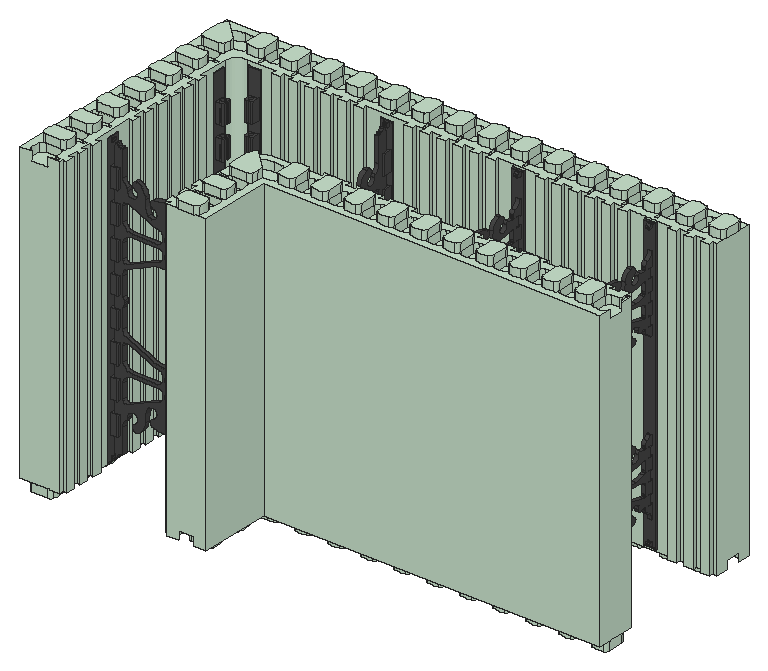
Revit family (continued)
Forms (mm)
  Extrusion 54, void
    sketch origin (355.653, -0.032, 0) x (-1, 0, 0) y (0, -1, 0)
      loop
        arc (-42.5, -94.024) -> (-43.786, -93.668) -> (-44.346, -92.457) r 1.588
        line (-44.346, -92.457) -> (-44.346, -86.829) -> (-48.685, -86.829) -> (-48.685, -95.62)
        arc (-48.685, -95.62) -> (-48.795, -96.199) -> (-49.108, -96.698) r 1.588
        arc (-49.108, -96.698) -> (-50.362, -98.696) -> (-50.8, -101.014) r 6.35
        line (-50.8, -101.014) -> (-50.8, -124.411)
        arc (-50.8, -124.411) -> (-49.585, -128.147) -> (-46.404, -130.453) r 6.35
    from 0 to 12.7
  Extrusion 55, void
    sketch origin (406.453, -0.032, 0) x (-1, 0, 0) y (0, -1, 0)
      loop
        arc (-46.404, -130.453) -> (-38.1, -131.762) -> (-29.796, -130.453) r 26.987
        arc (-29.796, -130.453) -> (-26.615, -128.147) -> (-25.4, -124.411) r 6.35
        line (-25.4, -124.411) -> (-25.4, -101.014)
        arc (-25.4, -101.014) -> (-26.615, -97.278) -> (-29.796, -94.972) r 6.35
        arc (-29.796, -94.972) -> (-36.091, -93.737) -> (-42.5, -94.024) r 26.987
        arc (-42.5, -94.024) -> (-43.786, -93.668) -> (-44.346, -92.457) r 1.588
        line (-44.346, -92.457) -> (-44.346, -86.829) -> (-48.685, -86.829) -> (-48.685, -95.62)
        arc (-48.685, -95.62) -> (-48.795, -96.199) -> (-49.108, -96.698) r 1.588
        arc (-49.108, -96.698) -> (-50.362, -98.696) -> (-50.8, -101.014) r 6.35
        line (-50.8, -101.014) -> (-50.8, -124.411)
        arc (-50.8, -124.411) -> (-49.585, -128.147) -> (-46.404, -130.453) r 6.35
    from 0 to 12.7
  Extrusion 56, void
    sketch origin (457.253, -0.032, 0) x (-1, 0, 0) y (0, -1, 0)
      loop
        arc (-46.404, -130.453) -> (-38.1, -131.762) -> (-29.796, -130.453) r 26.987
        arc (-29.796, -130.453) -> (-26.615, -128.147) -> (-25.4, -124.411) r 6.35
        line (-25.4, -124.411) -> (-25.4, -101.014)
        arc (-25.4, -101.014) -> (-26.615, -97.278) -> (-29.796, -94.972) r 6.35
        arc (-29.796, -94.972) -> (-36.091, -93.737) -> (-42.5, -94.024) r 26.987
        arc (-42.5, -94.024) -> (-43.786, -93.668) -> (-44.346, -92.457) r 1.588
        line (-44.346, -92.457) -> (-44.346, -86.829) -> (-48.685, -86.829) -> (-48.685, -95.62)
        arc (-48.685, -95.62) -> (-48.795, -96.199) -> (-49.108, -96.698) r 1.588
        arc (-49.108, -96.698) -> (-50.362, -98.696) -> (-50.8, -101.014) r 6.35
        line (-50.8, -101.014) -> (-50.8, -124.411)
        arc (-50.8, -124.411) -> (-49.585, -128.147) -> (-46.404, -130.453) r 6.35
    from 0 to 12.7
  Extrusion 57, void
    sketch origin (508.053, -0.032, 0) x (-1, 0, 0) y (0, -1, 0)
      loop
        arc (-46.404, -130.453) -> (-38.1, -131.762) -> (-29.796, -130.453) r 26.987
        arc (-29.796, -130.453) -> (-26.615, -128.147) -> (-25.4, -124.411) r 6.35
        line (-25.4, -124.411) -> (-25.4, -101.014)
        arc (-25.4, -101.014) -> (-26.615, -97.278) -> (-29.796, -94.972) r 6.35
        arc (-29.796, -94.972) -> (-36.091, -93.737) -> (-42.5, -94.024) r 26.987
        arc (-42.5, -94.024) -> (-43.786, -93.668) -> (-44.346, -92.457) r 1.588
        line (-44.346, -92.457) -> (-44.346, -86.829) -> (-48.685, -86.829) -> (-48.685, -95.62)
        arc (-48.685, -95.62) -> (-48.795, -96.199) -> (-49.108, -96.698) r 1.588
        arc (-49.108, -96.698) -> (-50.362, -98.696) -> (-50.8, -101.014) r 6.35
        line (-50.8, -101.014) -> (-50.8, -124.411)
        arc (-50.8, -124.411) -> (-49.585, -128.147) -> (-46.404, -130.453) r 6.35
    from 0 to 12.7
  Extrusion 58, void
    sketch origin (558.853, -0.032, 0) x (-1, 0, 0) y (0, -1, 0)
      loop
        arc (-46.404, -130.453) -> (-38.1, -131.762) -> (-29.796, -130.453) r 26.987
        arc (-29.796, -130.453) -> (-26.615, -128.147) -> (-25.4, -124.411) r 6.35
        line (-25.4, -124.411) -> (-25.4, -101.014)
        arc (-25.4, -101.014) -> (-26.615, -97.278) -> (-29.796, -94.972) r 6.35
        arc (-29.796, -94.972) -> (-36.091, -93.737) -> (-42.5, -94.024) r 26.987
        arc (-42.5, -94.024) -> (-43.786, -93.668) -> (-44.346, -92.457) r 1.588
        line (-44.346, -92.457) -> (-44.346, -86.829) -> (-48.685, -86.829) -> (-48.685, -95.62)
        arc (-48.685, -95.62) -> (-48.795, -96.199) -> (-49.108, -96.698) r 1.588
        arc (-49.108, -96.698) -> (-50.362, -98.696) -> (-50.8, -101.014) r 6.35
        line (-50.8, -101.014) -> (-50.8, -124.411)
        arc (-50.8, -124.411) -> (-49.585, -128.147) -> (-46.404, -130.453) r 6.35
    from 0 to 12.7
  Extrusion 59, void
    sketch origin (609.653, -0.032, 0) x (-1, 0, 0) y (0, -1, 0)
      loop
        arc (-46.404, -130.453) -> (-38.1, -131.762) -> (-29.796, -130.453) r 26.987
        arc (-29.796, -130.453) -> (-26.615, -128.147) -> (-25.4, -124.411) r 6.35
        line (-25.4, -124.411) -> (-25.4, -101.014)
        arc (-25.4, -101.014) -> (-26.615, -97.278) -> (-29.796, -94.972) r 6.35
        arc (-29.796, -94.972) -> (-36.091, -93.737) -> (-42.5, -94.024) r 26.987
        arc (-42.5, -94.024) -> (-43.786, -93.668) -> (-44.346, -92.457) r 1.588
        line (-44.346, -92.457) -> (-44.346, -86.829) -> (-48.685, -86.829) -> (-48.685, -95.62)
        arc (-48.685, -95.62) -> (-48.795, -96.199) -> (-49.108, -96.698) r 1.588
        arc (-49.108, -96.698) -> (-50.362, -98.696) -> (-50.8, -101.014) r 6.35
        line (-50.8, -101.014) -> (-50.8, -124.411)
        arc (-50.8, -124.411) -> (-49.585, -128.147) -> (-46.404, -130.453) r 6.35
    from 0 to 12.7
  Extrusion 60, void
    sketch origin (0.053, -457.232, 0) x (1, 0, 0) y (0, 1, 0)
      loop
        arc (101.014, 228.6) -> (97.278, 227.385) -> (94.972, 224.204) r 6.35
        arc (94.972, 224.204) -> (93.737, 217.909) -> (94.024, 211.5) r 26.987
        arc (94.024, 211.5) -> (93.668, 210.214) -> (92.457, 209.654) r 1.587
        line (92.457, 209.654) -> (86.829, 209.654) -> (86.829, 205.315) -> (95.62, 205.315)
        arc (95.62, 205.315) -> (96.199, 205.205) -> (96.698, 204.892) r 1.587
        arc (96.698, 204.892) -> (98.696, 203.638) -> (101.014, 203.2) r 6.35
        line (101.014, 203.2) -> (124.411, 203.2)
        arc (124.411, 203.2) -> (128.147, 204.415) -> (130.453, 207.596) r 6.35
        arc (130.453, 207.596) -> (131.763, 215.9) -> (130.453, 224.204) r 26.988
        arc (130.453, 224.204) -> (128.147, 227.385) -> (124.411, 228.6) r 6.35
        line (124.411, 228.6) -> (101.014, 228.6)
    from 0 to 12.7
  Extrusion 61, void
    sketch origin (0.053, -406.432, 0) x (1, 0, 0) y (0, 1, 0)
      loop
        arc (101.014, 228.6) -> (97.278, 227.385) -> (94.972, 224.204) r 6.35
        arc (94.972, 224.204) -> (93.737, 217.909) -> (94.024, 211.5) r 26.987
        arc (94.024, 211.5) -> (93.668, 210.214) -> (92.457, 209.654) r 1.587
        line (92.457, 209.654) -> (86.829, 209.654) -> (86.829, 205.315) -> (95.62, 205.315)
        arc (95.62, 205.315) -> (96.199, 205.205) -> (96.698, 204.892) r 1.587
        arc (96.698, 204.892) -> (98.696, 203.638) -> (101.014, 203.2) r 6.35
        line (101.014, 203.2) -> (124.411, 203.2)
        arc (124.411, 203.2) -> (128.147, 204.415) -> (130.453, 207.596) r 6.35
        arc (130.453, 207.596) -> (131.763, 215.9) -> (130.453, 224.204) r 26.988
        arc (130.453, 224.204) -> (128.147, 227.385) -> (124.411, 228.6) r 6.35
        line (124.411, 228.6) -> (101.014, 228.6)
    from 0 to 12.7
  Extrusion 62, void
    sketch origin (0.053, -0.032, 0) x (0, -1, 0) y (1, 0, 0)
      loop
        line (119.063, 93.663) -> (139.7, 93.663)
        arc (139.7, 93.663) -> (141.907, 93.753) -> (144.1, 94.024) r 26.987
        arc (144.1, 94.024) -> (145.386, 93.668) -> (145.946, 92.457) r 1.587
        line (145.946, 92.457) -> (145.946, 86.829) -> (150.285, 86.829) -> (150.285, 95.62)
        arc (150.285, 95.62) -> (150.395, 96.199) -> (150.708, 96.698) r 1.588
        arc (150.708, 96.698) -> (151.962, 98.696) -> (152.4, 101.014) r 6.35
        line (152.4, 101.014) -> (152.4, 124.411)
        arc (152.4, 124.411) -> (151.185, 128.147) -> (148.004, 130.453) r 6.35
        arc (148.004, 130.453) -> (143.903, 131.433) -> (139.7, 131.763) r 26.987
        line (139.7, 131.763) -> (131.763, 131.763) -> (101.102, 101.102)
        arc (101.102, 101.102) -> (109.342, 95.596) -> (119.063, 93.663) r 25.4
    from 0 to 12.7
  Extrusion 63, void
    sketch origin (355.653, -0.032, 0) x (-1, 0, 0) y (0, -1, 0)
      loop
        arc (177.8, 101.014) -> (179.015, 97.278) -> (182.196, 94.972) r 6.35
        arc (182.196, 94.972) -> (188.491, 93.737) -> (194.9, 94.024) r 26.988
        arc (194.9, 94.024) -> (196.186, 93.668) -> (196.746, 92.457) r 1.587
        line (196.746, 92.457) -> (196.746, 86.829) -> (201.085, 86.829) -> (201.085, 95.62)
        arc (201.085, 95.62) -> (201.195, 96.199) -> (201.508, 96.698) r 1.588
        arc (201.508, 96.698) -> (202.762, 98.696) -> (203.2, 101.014) r 6.35
        line (203.2, 101.014) -> (203.2, 124.411)
        arc (203.2, 124.411) -> (201.985, 128.147) -> (198.804, 130.453) r 6.35
        arc (198.804, 130.453) -> (190.5, 131.763) -> (182.196, 130.453) r 26.987
        arc (182.196, 130.453) -> (179.015, 128.147) -> (177.8, 124.411) r 6.35
        line (177.8, 124.411) -> (177.8, 101.014)
    from 0 to 12.7
  Extrusion 64, void
    sketch origin (406.453, -0.032, 0) x (-1, 0, 0) y (0, -1, 0)
      loop
        arc (177.8, 101.014) -> (179.015, 97.278) -> (182.196, 94.972) r 6.35
        arc (182.196, 94.972) -> (188.491, 93.737) -> (194.9, 94.024) r 26.988
        arc (194.9, 94.024) -> (196.186, 93.668) -> (196.746, 92.457) r 1.587
        line (196.746, 92.457) -> (196.746, 86.829) -> (201.085, 86.829) -> (201.085, 95.62)
        arc (201.085, 95.62) -> (201.195, 96.199) -> (201.508, 96.698) r 1.588
        arc (201.508, 96.698) -> (202.762, 98.696) -> (203.2, 101.014) r 6.35
        line (203.2, 101.014) -> (203.2, 124.411)
        arc (203.2, 124.411) -> (201.985, 128.147) -> (198.804, 130.453) r 6.35
        arc (198.804, 130.453) -> (190.5, 131.763) -> (182.196, 130.453) r 26.987
        arc (182.196, 130.453) -> (179.015, 128.147) -> (177.8, 124.411) r 6.35
        line (177.8, 124.411) -> (177.8, 101.014)
    from 0 to 12.7
  Extrusion 65, void
    sketch origin (457.253, -0.032, 0) x (-1, 0, 0) y (0, -1, 0)
      loop
        arc (177.8, 101.014) -> (179.015, 97.278) -> (182.196, 94.972) r 6.35
        arc (182.196, 94.972) -> (188.491, 93.737) -> (194.9, 94.024) r 26.988
        arc (194.9, 94.024) -> (196.186, 93.668) -> (196.746, 92.457) r 1.587
        line (196.746, 92.457) -> (196.746, 86.829) -> (201.085, 86.829) -> (201.085, 95.62)
        arc (201.085, 95.62) -> (201.195, 96.199) -> (201.508, 96.698) r 1.588
        arc (201.508, 96.698) -> (202.762, 98.696) -> (203.2, 101.014) r 6.35
        line (203.2, 101.014) -> (203.2, 124.411)
        arc (203.2, 124.411) -> (201.985, 128.147) -> (198.804, 130.453) r 6.35
        arc (198.804, 130.453) -> (190.5, 131.763) -> (182.196, 130.453) r 26.987
        arc (182.196, 130.453) -> (179.015, 128.147) -> (177.8, 124.411) r 6.35
        line (177.8, 124.411) -> (177.8, 101.014)
    from 0 to 12.7
  Extrusion 66, void
    sketch origin (508.053, -0.032, 0) x (-1, 0, 0) y (0, -1, 0)
      loop
        arc (177.8, 101.014) -> (179.015, 97.278) -> (182.196, 94.972) r 6.35
        arc (182.196, 94.972) -> (188.491, 93.737) -> (194.9, 94.024) r 26.988
        arc (194.9, 94.024) -> (196.186, 93.668) -> (196.746, 92.457) r 1.587
        line (196.746, 92.457) -> (196.746, 86.829) -> (201.085, 86.829) -> (201.085, 95.62)
        arc (201.085, 95.62) -> (201.195, 96.199) -> (201.508, 96.698) r 1.588
        arc (201.508, 96.698) -> (202.762, 98.696) -> (203.2, 101.014) r 6.35
        line (203.2, 101.014) -> (203.2, 124.411)
        arc (203.2, 124.411) -> (201.985, 128.147) -> (198.804, 130.453) r 6.35
        arc (198.804, 130.453) -> (190.5, 131.763) -> (182.196, 130.453) r 26.987
        arc (182.196, 130.453) -> (179.015, 128.147) -> (177.8, 124.411) r 6.35
        line (177.8, 124.411) -> (177.8, 101.014)
    from 0 to 12.7
  Extrusion 67, void
    sketch origin (558.853, -0.032, 0) x (-1, 0, 0) y (0, -1, 0)
      loop
        arc (177.8, 101.014) -> (179.015, 97.278) -> (182.196, 94.972) r 6.35
        arc (182.196, 94.972) -> (188.491, 93.737) -> (194.9, 94.024) r 26.988
        arc (194.9, 94.024) -> (196.186, 93.668) -> (196.746, 92.457) r 1.587
        line (196.746, 92.457) -> (196.746, 86.829) -> (201.085, 86.829) -> (201.085, 95.62)
        arc (201.085, 95.62) -> (201.195, 96.199) -> (201.508, 96.698) r 1.588
        arc (201.508, 96.698) -> (202.762, 98.696) -> (203.2, 101.014) r 6.35
        line (203.2, 101.014) -> (203.2, 124.411)
        arc (203.2, 124.411) -> (201.985, 128.147) -> (198.804, 130.453) r 6.35
        arc (198.804, 130.453) -> (190.5, 131.763) -> (182.196, 130.453) r 26.987
        arc (182.196, 130.453) -> (179.015, 128.147) -> (177.8, 124.411) r 6.35
        line (177.8, 124.411) -> (177.8, 101.014)
    from 0 to 12.7
  Extrusion 68, void
    sketch origin (609.653, -0.032, 0) x (-1, 0, 0) y (0, -1, 0)
      loop
        arc (177.8, 101.014) -> (179.015, 97.278) -> (182.196, 94.972) r 6.35
        arc (182.196, 94.972) -> (188.491, 93.737) -> (194.9, 94.024) r 26.988
        arc (194.9, 94.024) -> (196.186, 93.668) -> (196.746, 92.457) r 1.587
        line (196.746, 92.457) -> (196.746, 86.829) -> (201.085, 86.829) -> (201.085, 95.62)
        arc (201.085, 95.62) -> (201.195, 96.199) -> (201.508, 96.698) r 1.588
        arc (201.508, 96.698) -> (202.762, 98.696) -> (203.2, 101.014) r 6.35
        line (203.2, 101.014) -> (203.2, 124.411)
        arc (203.2, 124.411) -> (201.985, 128.147) -> (198.804, 130.453) r 6.35
        arc (198.804, 130.453) -> (190.5, 131.763) -> (182.196, 130.453) r 26.987
        arc (182.196, 130.453) -> (179.015, 128.147) -> (177.8, 124.411) r 6.35
        line (177.8, 124.411) -> (177.8, 101.014)
    from 0 to 12.7
  Extrusion 69, void
    sketch origin (660.453, -0.032, 0) x (-1, 0, 0) y (0, -1, 0)
      loop
        arc (177.8, 101.014) -> (179.015, 97.278) -> (182.196, 94.972) r 6.35
        arc (182.196, 94.972) -> (188.491, 93.737) -> (194.9, 94.024) r 26.988
        arc (194.9, 94.024) -> (196.186, 93.668) -> (196.746, 92.457) r 1.587
        line (196.746, 92.457) -> (196.746, 86.829) -> (201.085, 86.829) -> (201.085, 95.62)
        arc (201.085, 95.62) -> (201.195, 96.199) -> (201.508, 96.698) r 1.588
        arc (201.508, 96.698) -> (202.762, 98.696) -> (203.2, 101.014) r 6.35
        line (203.2, 101.014) -> (203.2, 124.411)
        arc (203.2, 124.411) -> (201.985, 128.147) -> (198.804, 130.453) r 6.35
        arc (198.804, 130.453) -> (190.5, 131.763) -> (182.196, 130.453) r 26.987
        arc (182.196, 130.453) -> (179.015, 128.147) -> (177.8, 124.411) r 6.35
        line (177.8, 124.411) -> (177.8, 101.014)
    from 0 to 12.7
  Extrusion 70, void
    sketch origin (711.253, -0.032, 0) x (-1, 0, 0) y (0, -1, 0)
      loop
        arc (177.8, 101.014) -> (179.015, 97.278) -> (182.196, 94.972) r 6.35
        arc (182.196, 94.972) -> (188.491, 93.737) -> (194.9, 94.024) r 26.988
        arc (194.9, 94.024) -> (196.186, 93.668) -> (196.746, 92.457) r 1.587
        line (196.746, 92.457) -> (196.746, 86.829) -> (201.085, 86.829) -> (201.085, 95.62)
        arc (201.085, 95.62) -> (201.195, 96.199) -> (201.508, 96.698) r 1.588
        arc (201.508, 96.698) -> (202.762, 98.696) -> (203.2, 101.014) r 6.35
        line (203.2, 101.014) -> (203.2, 124.411)
        arc (203.2, 124.411) -> (201.985, 128.147) -> (198.804, 130.453) r 6.35
        arc (198.804, 130.453) -> (190.5, 131.763) -> (182.196, 130.453) r 26.987
        arc (182.196, 130.453) -> (179.015, 128.147) -> (177.8, 124.411) r 6.35
        line (177.8, 124.411) -> (177.8, 101.014)
    from 0 to 12.7
  Extrusion 71, void
    sketch origin (762.053, -0.032, 0) x (-1, 0, 0) y (0, -1, 0)
      loop
        arc (177.8, 101.014) -> (179.015, 97.278) -> (182.196, 94.972) r 6.35
        arc (182.196, 94.972) -> (188.491, 93.737) -> (194.9, 94.024) r 26.988
        arc (194.9, 94.024) -> (196.186, 93.668) -> (196.746, 92.457) r 1.587
        line (196.746, 92.457) -> (196.746, 86.829) -> (201.085, 86.829) -> (201.085, 95.62)
        arc (201.085, 95.62) -> (201.195, 96.199) -> (201.508, 96.698) r 1.588
        arc (201.508, 96.698) -> (202.762, 98.696) -> (203.2, 101.014) r 6.35
        line (203.2, 101.014) -> (203.2, 124.411)
        arc (203.2, 124.411) -> (201.985, 128.147) -> (198.804, 130.453) r 6.35
        arc (198.804, 130.453) -> (190.5, 131.763) -> (182.196, 130.453) r 26.987
        arc (182.196, 130.453) -> (179.015, 128.147) -> (177.8, 124.411) r 6.35
        line (177.8, 124.411) -> (177.8, 101.014)
    from 0 to 12.7
  Extrusion 72, void
    sketch origin (812.853, -0.032, 0) x (-1, 0, 0) y (0, -1, 0)
      loop
        arc (177.8, 101.014) -> (179.015, 97.278) -> (182.196, 94.972) r 6.35
        arc (182.196, 94.972) -> (188.491, 93.737) -> (194.9, 94.024) r 26.988
        arc (194.9, 94.024) -> (196.186, 93.668) -> (196.746, 92.457) r 1.587
        line (196.746, 92.457) -> (196.746, 86.829) -> (201.085, 86.829) -> (201.085, 95.62)
        arc (201.085, 95.62) -> (201.195, 96.199) -> (201.508, 96.698) r 1.588
        arc (201.508, 96.698) -> (202.762, 98.696) -> (203.2, 101.014) r 6.35
        line (203.2, 101.014) -> (203.2, 124.411)
        arc (203.2, 124.411) -> (201.985, 128.147) -> (198.804, 130.453) r 6.35
        arc (198.804, 130.453) -> (190.5, 131.763) -> (182.196, 130.453) r 26.987
        arc (182.196, 130.453) -> (179.015, 128.147) -> (177.8, 124.411) r 6.35
        line (177.8, 124.411) -> (177.8, 101.014)
    from 0 to 12.7
  Extrusion 73, void
    sketch origin (0.053, -0.032, 0) x (1, 0, 0) y (0, 1, 0)
      loop
        line (-93.662, 93.662) -> (-124.323, 124.323)
        arc (-124.323, 124.323) -> (-129.829, 116.083) -> (-131.762, 106.362) r 25.4
        line (-131.762, 106.362) -> (-131.762, 88.9)
        arc (-131.762, 88.9) -> (-131.433, 84.697) -> (-130.453, 80.596) r 26.988
        arc (-130.453, 80.596) -> (-128.147, 77.415) -> (-124.411, 76.2) r 6.35
        line (-124.411, 76.2) -> (-101.014, 76.2)
        arc (-101.014, 76.2) -> (-97.278, 77.415) -> (-94.972, 80.596) r 6.35
        arc (-94.972, 80.596) -> (-93.992, 84.697) -> (-93.662, 88.9) r 26.987
        line (-93.662, 88.9) -> (-93.662, 93.662)
    from 0 to 12.7
  Extrusion 74, solid, material "EPS- NUDURA- Foam Panel"
    sketch origin (0.053, -0.032, 0) x (1, 0, 0) y (0, 1, 0)
      loop
        line (131.763, -131.763) -> (139.7, -131.763)
        arc (139.7, -131.763) -> (143.903, -131.433) -> (148.004, -130.453) r 26.987
        arc (148.004, -130.453) -> (151.185, -128.147) -> (152.4, -124.411) r 6.35
        line (152.4, -124.411) -> (152.4, -101.014)
        arc (152.4, -101.014) -> (151.962, -98.696) -> (150.708, -96.698) r 6.35
        arc (150.708, -96.698) -> (149.467, -95.661) -> (148.004, -94.972) r 6.35
        arc (148.004, -94.972) -> (146.07, -94.425) -> (144.1, -94.024) r 26.987
        arc (144.1, -94.024) -> (141.907, -93.753) -> (139.7, -93.663) r 26.987
        line (139.7, -93.663) -> (119.063, -93.663)
        arc (119.063, -93.663) -> (109.342, -95.596) -> (101.102, -101.102) r 25.4
        line (101.102, -101.102) -> (131.763, -131.763)
    from 0 to -12.7
  Extrusion 75, solid, material "EPS- NUDURA- Foam Panel"
    sketch origin (0.053, -0.032, 0) x (1, 0, 0) y (0, 1, 0)
      loop
        arc (-106.362, 131.762) -> (-116.083, 129.829) -> (-124.323, 124.323) r 25.4
        line (-124.323, 124.323) -> (-93.662, 93.662) -> (-88.9, 93.662)
        arc (-88.9, 93.662) -> (-84.697, 93.992) -> (-80.596, 94.972) r 26.988
        arc (-80.596, 94.972) -> (-77.415, 97.278) -> (-76.2, 101.014) r 6.35
        line (-76.2, 101.014) -> (-76.2, 124.411)
        arc (-76.2, 124.411) -> (-77.415, 128.147) -> (-80.596, 130.453) r 6.35
        arc (-80.596, 130.453) -> (-84.697, 131.433) -> (-88.9, 131.762) r 26.988
        line (-88.9, 131.762) -> (-106.362, 131.762)
    from 0 to -12.7
Cuts and joins
  Extrusion 4, Extrusion 5, Extrusion 6, Extrusion 7, Extrusion 8, Extrusion 9, Extrusion 10, Extrusion 11, Extrusion 12, Extrusion 13, Extrusion 14, Extrusion 15, Extrusion 16, Extrusion 17, Extrusion 18, Extrusion 19, Extrusion 20, Extrusion 21, Extrusion 22, Extrusion 23, Extrusion 24, Extrusion 25, Extrusion 26, Extrusion 27, Extrusion 28, Extrusion 29, Extrusion 30, Extrusion 31, Extrusion 32, Extrusion 33, Extrusion 34, Extrusion 35, Extrusion 36, Extrusion 37, Extrusion 38, Extrusion 39, Extrusion 40, Extrusion 41, Extrusion 42, Extrusion 43, Extrusion 44, Extrusion 45, Extrusion 46, Extrusion 47, Extrusion 48, Extrusion 49, Extrusion 50, Extrusion 51, Extrusion 52, Extrusion 53, Extrusion 54, Extrusion 55, Extrusion 56, Extrusion 57, Extrusion 58, Extrusion 59, Extrusion 60, Extrusion 61, Extrusion 62, Extrusion 63, Extrusion 64, Extrusion 65, Extrusion 66, Extrusion 67, Extrusion 68, Extrusion 69, Extrusion 70, Extrusion 71, Extrusion 72, Extrusion 73 cuts Extrusion 1
Lines and regions (mm)
  model lines
    curve 1: line (-142.822, -50.832, 457.2) -> (-142.822, -50.832, 0)
    curve 2: line (455.561, 142.843, 457.2) -> (455.561, 142.843, 0)
    curve 3: line (50.853, 142.843, 0) -> (50.853, 142.843, 457.2)
Dimensions and locks
  aligned and locked: level to plane 2
Nested families
  nested 1: "Interlock Tooth" at (0.053, -203.232, 0) x (0, -1, 0) z (0, 0, 1), type "Interlock Tooth"
  nested 2: "Interlock Tooth" at (0.053, -152.432, 0) x (0, -1, 0) z (0, 0, 1), type "Interlock Tooth"
  nested 3: "Interlock Tooth" at (0.053, -101.632, 0) x (0, -1, 0) z (0, 0, 1), type "Interlock Tooth"
  nested 4: "Interlock Tooth" at (0.053, -50.832, 0) x (0, -1, 0) z (0, 0, 1), type "Interlock Tooth"
  nested 5: "Interlock Tooth" at (0.053, -0.032, 0) x (0, -1, 0) z (0, 0, 1), type "Interlock Tooth"
  nested 6: "Interlock Tooth" at (0.053, 50.768, 0) x (0, -1, 0) z (0, 0, 1), type "Interlock Tooth"
  nested 7: "Interlock Tooth" at (0.053, -228.632, 0) x (0, -1, 0) z (0, 0, 1), type "Interlock Tooth"
  nested 8: "Interlock Tooth" at (0.053, -177.832, 0) x (0, -1, 0) z (0, 0, 1), type "Interlock Tooth"
  nested 9: "Interlock Tooth" at (0.053, -203.232, -469.9) x (0, -1, 0) z (0, 0, 1), type "Interlock Tooth"
  nested 10: "Interlock Tooth" at (0.053, -152.432, -469.9) x (0, -1, 0) z (0, 0, 1), type "Interlock Tooth"
  nested 11: "Interlock Tooth" at (-225.372, -228.632, -469.9) x (0, -1, 0) z (0, 0, 1), type "Interlock Tooth"
  nested 12: "Interlock Tooth" at (-225.372, -177.832, -469.9) x (0, -1, 0) z (0, 0, 1), type "Interlock Tooth"
  nested 13: "Interlock Tooth" at (-225.372, -127.032, -469.9) x (0, -1, 0) z (0, 0, 1), type "Interlock Tooth"
  nested 14: "Interlock Tooth" at (-225.372, -76.232, -469.9) x (0, -1, 0) z (0, 0, 1), type "Interlock Tooth"
  nested 15: "Interlock Tooth" at (-225.372, -25.432, -469.9) x (0, -1, 0) z (0, 0, 1), type "Interlock Tooth"
  nested 16: "Interlock Tooth" at (-225.372, 25.368, -469.9) x (0, -1, 0) z (0, 0, 1), type "Interlock Tooth"
  nested 17: "Interlock Tooth" at (-225.372, 76.168, -469.9) x (0, -1, 0) z (0, 0, 1), type "Interlock Tooth"
  nested 18: "Interlock Tooth" at (152.453, -0.032, 0), type "Interlock Tooth"
  nested 19: "Interlock Tooth" at (203.253, -0.032, 0), type "Interlock Tooth"
  nested 20: "Interlock Tooth" at (254.053, -0.032, 0), type "Interlock Tooth"
  nested 21: "Interlock Tooth" at (304.853, -0.032, 0), type "Interlock Tooth"
  nested 22: "Interlock Tooth" at (355.653, -0.032, 0), type "Interlock Tooth"
  nested 23: "Interlock Tooth" at (406.453, -0.032, 0), type "Interlock Tooth"
  nested 24: "Interlock Tooth" at (457.253, -0.032, 0), type "Interlock Tooth"
  nested 25: "Interlock Tooth" at (508.053, -0.032, 0), type "Interlock Tooth"
  nested 26: "Interlock Tooth" at (558.853, -0.032, 0), type "Interlock Tooth"
  nested 27: "Interlock Tooth" at (609.653, -0.032, 0), type "Interlock Tooth"
  nested 28: "Interlock Tooth" at (-76.147, -0.032, 0), type "Interlock Tooth"
  nested 29: "Interlock Tooth" at (-25.347, -0.032, 0), type "Interlock Tooth"
  nested 30: "Interlock Tooth" at (25.453, -0.032, 0), type "Interlock Tooth"
  nested 31: "Interlock Tooth" at (76.253, -0.032, 0), type "Interlock Tooth"
  nested 32: "Interlock Tooth" at (127.053, -0.032, 0), type "Interlock Tooth"
  nested 33: "Interlock Tooth" at (177.853, -0.032, 0), type "Interlock Tooth"
  nested 34: "Interlock Tooth" at (228.653, -0.032, 0), type "Interlock Tooth"
  nested 35: "Interlock Tooth" at (279.453, -0.032, 0), type "Interlock Tooth"
  nested 36: "Interlock Tooth" at (330.253, -0.032, 0), type "Interlock Tooth"
  nested 37: "Interlock Tooth" at (381.053, -0.032, 0), type "Interlock Tooth"
  nested 38: "Interlock Tooth" at (431.853, -0.032, 0), type "Interlock Tooth"
  nested 39: "Interlock Tooth" at (482.653, -0.032, 0), type "Interlock Tooth"
  nested 40: "Interlock Tooth" at (533.453, -0.032, 0), type "Interlock Tooth"
  nested 41: "Interlock Tooth" at (584.253, -0.032, 0), type "Interlock Tooth"
  nested 42: "Interlock Tooth" at (635.053, -0.032, 0), type "Interlock Tooth"
  nested 43: "Interlock Tooth" at (177.853, -225.457, -469.9), type "Interlock Tooth"
  nested 44: "Interlock Tooth" at (228.653, -225.457, -469.9), type "Interlock Tooth"
  nested 45: "Interlock Tooth" at (279.453, -225.457, -469.9), type "Interlock Tooth"
  nested 46: "Interlock Tooth" at (330.253, -225.457, -469.9), type "Interlock Tooth"
  nested 47: "Interlock Tooth" at (381.053, -225.457, -469.9), type "Interlock Tooth"
  nested 48: "Interlock Tooth" at (431.853, -225.457, -469.9), type "Interlock Tooth"
  nested 49: "Interlock Tooth" at (482.653, -225.457, -469.9), type "Interlock Tooth"
  nested 50: "Interlock Tooth" at (533.453, -225.457, -469.9), type "Interlock Tooth"
  nested 51: "Interlock Tooth" at (584.253, -225.457, -469.9), type "Interlock Tooth"
  nested 52: "Interlock Tooth" at (635.053, -225.457, -469.9), type "Interlock Tooth"
  nested 53: "Interlock Tooth" at (-50.747, -0.032, -469.9), type "Interlock Tooth"
  nested 54: "Interlock Tooth" at (0.053, -0.032, -469.9), type "Interlock Tooth"
  nested 55: "Interlock Tooth" at (50.853, -0.032, -469.9), type "Interlock Tooth"
  nested 56: "Interlock Tooth" at (101.653, -0.032, -469.9), type "Interlock Tooth"
  nested 57: "Interlock Tooth" at (152.453, -0.032, -469.9), type "Interlock Tooth"
  nested 58: "Interlock Tooth" at (203.253, -0.032, -469.9), type "Interlock Tooth"
  nested 59: "Interlock Tooth" at (254.053, -0.032, -469.9), type "Interlock Tooth"
  nested 60: "Interlock Tooth" at (304.853, -0.032, -469.9), type "Interlock Tooth"
  nested 61: "Interlock Tooth" at (355.653, -0.032, -469.9), type "Interlock Tooth"
  nested 62: "Interlock Tooth" at (406.453, -0.032, -469.9), type "Interlock Tooth"
  nested 63: "Interlock Tooth" at (457.253, -0.032, -469.9), type "Interlock Tooth"
  nested 64: "Interlock Tooth" at (508.053, -0.032, -469.9), type "Interlock Tooth"
  nested 65: "Interlock Tooth" at (558.853, -0.032, -469.9), type "Interlock Tooth"
  nested 66: "Interlock Tooth" at (609.653, -0.032, -469.9), type "Interlock Tooth"
  nested 67: "NUDURA Diamond Pattern" at (457.253, -0.032, 0), type "NUDURA Diamond Pattern"
  nested 68: "NUDURA Diamond Pattern" at (457.253, 285.718, 0), type "NUDURA Diamond Pattern"
  nested 69: "NUDURA Diamond Pattern" at (50.853, 285.718, 0), type "NUDURA Diamond Pattern"
  nested 70: "6-inch Web" at (558.853, 0.095, 0), type "6-inch Web"
  nested 71: "6-inch Web" at (355.653, 0.095, 0), type "6-inch Web"
  nested 72: "6 inch Insert Web" at (152.453, -0.032, 0), type "6 inch Insert Web"
  nested 73: "6 inch Insert Web" at (0.053, -152.432, 0) x (0, 1, 0) z (0, 0, 1), type "6 inch Insert Web"
  nested 74: "Capture Lug" at (-50.747, -0.032, 0) x (-1, 0, 0) z (0, 0, 1), type "Capture Lugs"
  nested 75: "Capture Lug" at (0.053, 50.768, 0) x (0, -1, 0) z (0, 0, 1), type "Capture Lugs"
  nested 76: "NUDURA Diamond Pattern Missing One Line" at (-285.697, -50.832, 0) x (0, 1, 0) z (0, 0, 1), type "NUDURA Diamond Pattern minus one line"
  nested 77: "NUDURA Diamond Pattern Missing Two lines" at (0.053, -254.032, 0) x (0, 1, 0) z (0, 0, 1), type "NUDURA Diamond Pattern minus Two lines"
  nested 78: "NUDURA Diamond Pattern Missing Left Line" at (50.853, -0.032, 0), type "NUDURA Diamond Pattern missing left line"
  nested 79: "NUDURA Logo Diamond" at (50.918, -142.907, 0), type "NUDURA Logo Diamond"
  nested 80: "NUDURA Logo Diamond" at (-142.822, 152.303, 0) x (0, -1, 0) z (0, 0, 1), type "NUDURA Logo Diamond"
  nested 81: "NUDURA Logo Diamond" at (660.453, 142.843, 0) x (-1, 0, 0) z (0, 0, 1), type "NUDURA Logo Diamond"
  nested 82: "NUDURA Logo Diamond Missing Outside Line" at (253.988, 142.843, 0) x (-1, 0, 0) z (0, 0, 1), type "NUDURA Logo Diamond without Outside Line"
Definition of nested family "Interlock Tooth"
  Reference planes
    plane 1 "Center (Front/Back)": y = 0
    plane 2: z = 0
    plane 3 "Center (Left/Right)": x = 0
    plane 4: z = 457.2
    plane 5: z = 469.9
    plane 6: z = -12.7
  Forms (mm)
    Extrusion 1, solid, material "EPS- NUDURA- Foam Panel"
      sketch origin (0, -225.425, 0) x (1, 0, 0) y (0, 1, 0)
        loop
          arc (0, 101.014) -> (1.215, 97.278) -> (4.396, 94.972) r 6.35
          arc (4.396, 94.972) -> (12.7, 93.663) -> (21.004, 94.972) r 26.988
          arc (21.004, 94.972) -> (24.185, 97.278) -> (25.4, 101.014) r 6.35
          line (25.4, 101.014) -> (25.4, 124.411)
          arc (25.4, 124.411) -> (24.185, 128.147) -> (21.004, 130.453) r 6.35
          arc (21.004, 130.453) -> (12.7, 131.763) -> (4.396, 130.453) r 26.987
          arc (4.396, 130.453) -> (1.215, 128.147) -> (0, 124.411) r 6.35
          line (0, 124.411) -> (0, 101.014)
      from 457.2 to 469.9
  Dimensions and locks
    locked: plane 4 to level at 457.2
    locked: plane 4 to plane 5 at 12.7
    locked: plane 6 to level at 12.7
Definition of nested family "6-inch Web"
  Reference planes
    plane 1 "Center (Front/Back)": y = 0
    plane 2: z = 0
    plane 3 "Center (Left/Right)": x = 0
  Forms (mm)
    Extrusion 1, solid, material "Polypropylene- NUDURA"
      sketch origin (0, 0, -12.7) x (0, 1, 0) y (0, 0, 1)
        loop
          line (76.073, 91.536) -> (73.264, 91.536) -> (73.264, 93.314) -> (79.438, 93.314)
          arc (79.438, 93.314) -> (80.561, 92.849) -> (81.026, 91.727) r 1.587
          line (81.026, 91.727) -> (81.026, 111.666)
          arc (81.026, 111.666) -> (80.561, 110.543) -> (79.438, 110.078) r 1.587
          line (79.438, 110.078) -> (73.264, 110.078) -> (73.264, 111.856) -> (76.073, 111.856) -> (76.073, 124.556) -> (73.264, 124.556) -> (73.264, 126.334) -> (79.438, 126.334)
          arc (79.438, 126.334) -> (80.561, 125.869) -> (81.026, 124.747) r 1.587
          line (81.026, 124.747) -> (81.026, 144.686)
          arc (81.026, 144.686) -> (80.561, 143.563) -> (79.438, 143.098) r 1.587
          line (79.438, 143.098) -> (73.264, 143.098) -> (73.264, 144.876) -> (76.073, 144.876) -> (76.073, 157.576) -> (73.264, 157.576) -> (73.264, 159.354) -> (79.438, 159.354)
          arc (79.438, 159.354) -> (80.561, 158.889) -> (81.026, 157.767) r 1.588
          line (81.026, 157.767) -> (81.026, 172.997) -> (78.486, 172.997)
          arc (78.486, 172.997) -> (75.845, 170.382) -> (72.559, 168.643) r 12.7
          arc (72.559, 168.643) -> (69.491, 166.323) -> (68.326, 162.656) r 6.35
          line (68.326, 162.656) -> (68.326, 160.942)
          arc (68.326, 160.942) -> (68.791, 159.819) -> (69.913, 159.354) r 1.588
          line (69.913, 159.354) -> (71.367, 159.354) -> (71.367, 157.576) -> (68.453, 157.576)
          arc (68.453, 157.576) -> (63.342, 157.805) -> (58.381, 159.053) r 25.4
          arc (58.381, 159.053) -> (56.106, 158.583) -> (55.418, 156.364) r 2.286
          arc (55.418, 156.364) -> (44.309, 147.703) -> (45.002, 161.771) r 7.747
          arc (45.002, 161.771) -> (48.114, 169.035) -> (40.85, 172.148) r 5.588
          arc (40.85, 172.148) -> (33.539, 166.926) -> (29.461, 158.921) r 18.923
          arc (29.461, 158.921) -> (27.769, 151.01) -> (25.249, 143.323) r 76.2
          arc (25.249, 143.323) -> (12.33, 141.646) -> (16.15, 154.1) r 7.747
          arc (16.15, 154.1) -> (20.591, 159.798) -> (16.474, 165.735) r 6.096
          arc (16.474, 165.735) -> (8.351, 167.789) -> (0, 168.48) r 50.8
          arc (0, 168.48) -> (-8.351, 167.789) -> (-16.474, 165.735) r 50.8
          arc (-16.474, 165.735) -> (-20.591, 159.798) -> (-16.15, 154.1) r 6.096
          arc (-16.15, 154.1) -> (-12.33, 141.646) -> (-25.249, 143.323) r 7.747
          arc (-25.249, 143.323) -> (-27.769, 151.01) -> (-29.461, 158.921) r 76.2
          arc (-29.461, 158.921) -> (-33.539, 166.926) -> (-40.85, 172.148) r 18.923
          arc (-40.85, 172.148) -> (-48.114, 169.035) -> (-45.002, 161.771) r 5.588
          arc (-45.002, 161.771) -> (-44.309, 147.703) -> (-55.418, 156.364) r 7.747
          arc (-55.418, 156.364) -> (-56.106, 158.583) -> (-58.381, 159.053) r 2.286
          arc (-58.381, 159.053) -> (-63.342, 157.805) -> (-68.453, 157.576) r 25.4
          line (-68.453, 157.576) -> (-71.367, 157.576) -> (-71.367, 159.354) -> (-69.913, 159.354)
          arc (-69.913, 159.354) -> (-68.791, 159.819) -> (-68.326, 160.942) r 1.588
          line (-68.326, 160.942) -> (-68.326, 162.656)
          arc (-68.326, 162.656) -> (-69.491, 166.323) -> (-72.559, 168.643) r 6.35
          arc (-72.559, 168.643) -> (-75.845, 170.382) -> (-78.486, 172.997) r 12.7
          line (-78.486, 172.997) -> (-81.026, 172.997) -> (-81.026, 157.767)
          arc (-81.026, 157.767) -> (-80.561, 158.889) -> (-79.438, 159.354) r 1.588
          line (-79.438, 159.354) -> (-73.264, 159.354) -> (-73.264, 157.576) -> (-76.073, 157.576) -> (-76.073, 144.876) -> (-73.264, 144.876) -> (-73.264, 143.098) -> (-79.438, 143.098)
          arc (-79.438, 143.098) -> (-80.561, 143.563) -> (-81.026, 144.686) r 1.587
          line (-81.026, 144.686) -> (-81.026, 124.747)
          arc (-81.026, 124.747) -> (-80.561, 125.869) -> (-79.438, 126.334) r 1.587
          line (-79.438, 126.334) -> (-73.264, 126.334) -> (-73.264, 124.556) -> (-76.073, 124.556) -> (-76.073, 111.856) -> (-73.264, 111.856) -> (-73.264, 110.078) -> (-79.438, 110.078)
          arc (-79.438, 110.078) -> (-80.561, 110.543) -> (-81.026, 111.666) r 1.587
          line (-81.026, 111.666) -> (-81.026, 91.727)
          arc (-81.026, 91.727) -> (-80.561, 92.849) -> (-79.438, 93.314) r 1.587
          line (-79.438, 93.314) -> (-73.264, 93.314) -> (-73.264, 91.536) -> (-76.073, 91.536) -> (-76.073, 78.837) -> (-73.264, 78.837) -> (-73.264, 77.058) -> (-79.438, 77.058)
          arc (-79.438, 77.058) -> (-80.561, 77.523) -> (-81.026, 78.646) r 1.587
          line (-81.026, 78.646) -> (-81.026, 55.796)
          arc (-81.026, 55.796) -> (-78.695, 63.128) -> (-72.559, 67.77) r 12.7
          arc (-72.559, 67.77) -> (-69.491, 70.09) -> (-68.326, 73.756) r 6.35
          line (-68.326, 73.756) -> (-68.326, 75.471)
          arc (-68.326, 75.471) -> (-68.791, 76.593) -> (-69.913, 77.058) r 1.588
          line (-69.913, 77.058) -> (-71.367, 77.058) -> (-71.367, 78.837) -> (-68.453, 78.837)
          arc (-68.453, 78.837) -> (-63.342, 78.608) -> (-58.381, 77.359) r 25.4
          arc (-58.381, 77.359) -> (-56.106, 77.83) -> (-55.418, 80.049) r 2.286
          arc (-55.418, 80.049) -> (-44.309, 88.71) -> (-45.002, 74.641) r 7.747
          arc (-45.002, 74.641) -> (-48.114, 67.378) -> (-40.85, 64.265) r 5.588
          arc (-40.85, 64.265) -> (-33.539, 69.487) -> (-29.461, 77.492) r 18.923
          arc (-29.461, 77.492) -> (-27.769, 85.403) -> (-25.249, 93.09) r 76.2
          arc (-25.249, 93.09) -> (-12.33, 94.767) -> (-16.15, 82.312) r 7.747
          arc (-16.15, 82.312) -> (-20.591, 76.615) -> (-16.474, 70.678) r 6.096
          arc (-16.474, 70.678) -> (-8.351, 68.624) -> (0, 67.933) r 50.8
          arc (0, 67.933) -> (8.351, 68.624) -> (16.474, 70.678) r 50.8
          arc (16.474, 70.678) -> (20.591, 76.615) -> (16.15, 82.312) r 6.096
          arc (16.15, 82.312) -> (12.33, 94.767) -> (25.249, 93.09) r 7.747
          arc (25.249, 93.09) -> (27.769, 85.403) -> (29.461, 77.492) r 76.2
          arc (29.461, 77.492) -> (33.539, 69.487) -> (40.85, 64.265) r 18.923
          arc (40.85, 64.265) -> (48.114, 67.378) -> (45.002, 74.641) r 5.588
          arc (45.002, 74.641) -> (44.309, 88.71) -> (55.418, 80.049) r 7.747
          arc (55.418, 80.049) -> (56.106, 77.83) -> (58.381, 77.359) r 2.286
          arc (58.381, 77.359) -> (63.342, 78.608) -> (68.453, 78.837) r 25.4
          line (68.453, 78.837) -> (71.367, 78.837) -> (71.367, 77.058) -> (69.913, 77.058)
          arc (69.913, 77.058) -> (68.791, 76.593) -> (68.326, 75.471) r 1.588
          line (68.326, 75.471) -> (68.326, 73.756)
          arc (68.326, 73.756) -> (69.491, 70.09) -> (72.559, 67.77) r 6.35
          arc (72.559, 67.77) -> (78.695, 63.128) -> (81.026, 55.796) r 12.7
          line (81.026, 55.796) -> (81.026, 78.646)
          arc (81.026, 78.646) -> (80.561, 77.523) -> (79.438, 77.058) r 1.587
          line (79.438, 77.058) -> (73.264, 77.058) -> (73.264, 78.837) -> (76.073, 78.837) -> (76.073, 91.536)
        loop
          arc (9.884, 115.92) -> (4.076, 110.709) -> (8.63, 104.373) r 5.842
          line (8.63, 104.373) -> (64.795, 92.141)
          arc (64.795, 92.141) -> (66.613, 91.772) -> (68.453, 91.536) r 25.4
          line (68.453, 91.536) -> (71.367, 91.536) -> (71.367, 93.314) -> (69.913, 93.314)
          arc (69.913, 93.314) -> (68.791, 93.779) -> (68.326, 94.902) r 1.588
          line (68.326, 94.902) -> (68.326, 108.491)
          arc (68.326, 108.491) -> (68.791, 109.613) -> (69.913, 110.078) r 1.588
          line (69.913, 110.078) -> (71.367, 110.078) -> (71.367, 111.856) -> (68.453, 111.856)
          arc (68.453, 111.856) -> (67.092, 112.052) -> (65.821, 112.576) r 5.556
          arc (65.821, 112.576) -> (58.287, 115.001) -> (50.426, 115.92) r 40.64
          line (50.426, 115.92) -> (9.884, 115.92)
        loop
          line (68.453, 124.556) -> (71.367, 124.556) -> (71.367, 126.334) -> (69.913, 126.334)
          arc (69.913, 126.334) -> (68.791, 126.799) -> (68.326, 127.922) r 1.588
          line (68.326, 127.922) -> (68.326, 141.511)
          arc (68.326, 141.511) -> (68.791, 142.633) -> (69.913, 143.098) r 1.588
          line (69.913, 143.098) -> (71.367, 143.098) -> (71.367, 144.876) -> (68.453, 144.876)
          arc (68.453, 144.876) -> (66.613, 144.641) -> (64.795, 144.272) r 25.4
          line (64.795, 144.272) -> (8.63, 132.04)
          arc (8.63, 132.04) -> (4.076, 125.704) -> (9.884, 120.492) r 5.842
          line (9.884, 120.492) -> (50.426, 120.492)
          arc (50.426, 120.492) -> (58.287, 121.411) -> (65.821, 123.837) r 40.64
          arc (65.821, 123.837) -> (67.092, 124.361) -> (68.453, 124.556) r 5.556
        loop
          line (-65.908, 91.899) -> (-8.63, 104.373)
          arc (-8.63, 104.373) -> (-4.076, 110.709) -> (-9.884, 115.92) r 5.842
          line (-9.884, 115.92) -> (-50.426, 115.92)
          arc (-50.426, 115.92) -> (-58.287, 115.001) -> (-65.821, 112.576) r 40.64
          arc (-65.821, 112.576) -> (-67.092, 112.052) -> (-68.453, 111.856) r 5.556
          line (-68.453, 111.856) -> (-71.367, 111.856) -> (-71.367, 110.078) -> (-69.913, 110.078)
          arc (-69.913, 110.078) -> (-68.791, 109.613) -> (-68.326, 108.491) r 1.588
          line (-68.326, 108.491) -> (-68.326, 94.902)
          arc (-68.326, 94.902) -> (-68.791, 93.779) -> (-69.913, 93.314) r 1.588
          line (-69.913, 93.314) -> (-71.367, 93.314) -> (-71.367, 91.536) -> (-68.453, 91.536)
          arc (-68.453, 91.536) -> (-67.176, 91.685) -> (-65.908, 91.899) r 25.4
        loop
          arc (-68.453, 124.556) -> (-67.092, 124.361) -> (-65.821, 123.837) r 5.556
          arc (-65.821, 123.837) -> (-58.287, 121.411) -> (-50.426, 120.492) r 40.64
          line (-50.426, 120.492) -> (-9.884, 120.492)
          arc (-9.884, 120.492) -> (-4.076, 125.704) -> (-8.63, 132.04) r 5.842
          line (-8.63, 132.04) -> (-64.795, 144.272)
          arc (-64.795, 144.272) -> (-66.613, 144.641) -> (-68.453, 144.876) r 25.4
          line (-68.453, 144.876) -> (-71.367, 144.876) -> (-71.367, 143.098) -> (-69.913, 143.098)
          arc (-69.913, 143.098) -> (-68.791, 142.633) -> (-68.326, 141.511) r 1.588
          line (-68.326, 141.511) -> (-68.326, 127.922)
          arc (-68.326, 127.922) -> (-68.791, 126.799) -> (-69.913, 126.334) r 1.588
          line (-69.913, 126.334) -> (-71.367, 126.334) -> (-71.367, 124.556) -> (-68.453, 124.556)
        loop
          arc (81.026, 25.02) -> (80.867, 24.651) -> (80.49, 24.513) r 0.508
          line (80.49, 24.513) -> (76.482, 24.735)
          arc (76.482, 24.735) -> (76.105, 24.597) -> (75.946, 24.228) r 0.508
          line (75.946, 24.228) -> (75.946, 22.419)
          arc (75.946, 22.419) -> (76.051, 22.033) -> (76.338, 21.753) r 0.762
          line (76.338, 21.753) -> (80.634, 19.367)
          arc (80.634, 19.367) -> (80.921, 19.087) -> (81.026, 18.7) r 0.762
          line (81.026, 18.7) -> (81.026, 25.02)
        loop
          line (-81.026, 25.02) -> (-81.026, 18.7)
          arc (-81.026, 18.7) -> (-80.921, 19.087) -> (-80.634, 19.367) r 0.762
          line (-80.634, 19.367) -> (-76.338, 21.753)
          arc (-76.338, 21.753) -> (-76.051, 22.033) -> (-75.946, 22.419) r 0.762
          line (-75.946, 22.419) -> (-75.946, 24.228)
          arc (-75.946, 24.228) -> (-76.105, 24.597) -> (-76.482, 24.735) r 0.508
          line (-76.482, 24.735) -> (-80.49, 24.513)
          arc (-80.49, 24.513) -> (-80.867, 24.651) -> (-81.026, 25.02) r 0.508
        loop
          line (76.073, 391.064) -> (76.073, 403.763) -> (73.264, 403.763) -> (73.264, 405.542) -> (79.438, 405.542)
          arc (79.438, 405.542) -> (80.561, 405.077) -> (81.026, 403.954) r 1.587
          line (81.026, 403.954) -> (81.026, 426.804)
          arc (81.026, 426.804) -> (78.695, 419.472) -> (72.559, 414.83) r 12.7
          arc (72.559, 414.83) -> (69.491, 412.51) -> (68.326, 408.844) r 6.35
          line (68.326, 408.844) -> (68.326, 407.129)
          arc (68.326, 407.129) -> (68.791, 406.007) -> (69.913, 405.542) r 1.588
          line (69.913, 405.542) -> (71.367, 405.542) -> (71.367, 403.763) -> (68.453, 403.763)
          arc (68.453, 403.763) -> (63.342, 403.992) -> (58.381, 405.241) r 25.4
          arc (58.381, 405.241) -> (56.106, 404.77) -> (55.418, 402.551) r 2.286
          arc (55.418, 402.551) -> (44.309, 393.89) -> (45.002, 407.959) r 7.747
          arc (45.002, 407.959) -> (48.114, 415.222) -> (40.85, 418.335) r 5.588
          arc (40.85, 418.335) -> (33.539, 413.113) -> (29.461, 405.108) r 18.923
          arc (29.461, 405.108) -> (27.769, 397.197) -> (25.249, 389.51) r 76.2
          arc (25.249, 389.51) -> (12.33, 387.833) -> (16.15, 400.288) r 7.747
          arc (16.15, 400.288) -> (20.591, 405.985) -> (16.474, 411.922) r 6.096
          arc (16.474, 411.922) -> (8.351, 413.976) -> (0, 414.667) r 50.8
          arc (0, 414.667) -> (-8.351, 413.976) -> (-16.474, 411.922) r 50.8
          arc (-16.474, 411.922) -> (-20.591, 405.985) -> (-16.15, 400.288) r 6.096
          arc (-16.15, 400.288) -> (-12.33, 387.833) -> (-25.249, 389.51) r 7.747
          arc (-25.249, 389.51) -> (-27.769, 397.197) -> (-29.461, 405.108) r 76.2
          arc (-29.461, 405.108) -> (-33.539, 413.113) -> (-40.85, 418.335) r 18.923
          arc (-40.85, 418.335) -> (-48.114, 415.222) -> (-45.002, 407.959) r 5.588
          arc (-45.002, 407.959) -> (-44.309, 393.89) -> (-55.418, 402.551) r 7.747
          arc (-55.418, 402.551) -> (-56.106, 404.77) -> (-58.381, 405.241) r 2.286
          arc (-58.381, 405.241) -> (-63.342, 403.992) -> (-68.453, 403.763) r 25.4
          line (-68.453, 403.763) -> (-71.367, 403.763) -> (-71.367, 405.542) -> (-69.913, 405.542)
          arc (-69.913, 405.542) -> (-68.791, 406.007) -> (-68.326, 407.129) r 1.588
          line (-68.326, 407.129) -> (-68.326, 408.844)
          arc (-68.326, 408.844) -> (-69.491, 412.51) -> (-72.559, 414.83) r 6.35
          arc (-72.559, 414.83) -> (-78.695, 419.472) -> (-81.026, 426.804) r 12.7
          line (-81.026, 426.804) -> (-81.026, 403.954)
          arc (-81.026, 403.954) -> (-80.561, 405.077) -> (-79.438, 405.542) r 1.587
          line (-79.438, 405.542) -> (-73.264, 405.542) -> (-73.264, 403.763) -> (-76.073, 403.763) -> (-76.073, 391.064) -> (-73.264, 391.064) -> (-73.264, 389.286) -> (-79.438, 389.286)
          arc (-79.438, 389.286) -> (-80.561, 389.751) -> (-81.026, 390.873) r 1.587
          line (-81.026, 390.873) -> (-81.026, 370.934)
          arc (-81.026, 370.934) -> (-80.561, 372.057) -> (-79.438, 372.522) r 1.587
          line (-79.438, 372.522) -> (-73.264, 372.522) -> (-73.264, 370.744) -> (-76.073, 370.744) -> (-76.073, 358.044) -> (-73.264, 358.044) -> (-73.264, 356.266) -> (-79.438, 356.266)
          arc (-79.438, 356.266) -> (-80.561, 356.731) -> (-81.026, 357.853) r 1.587
          line (-81.026, 357.853) -> (-81.026, 337.914)
          arc (-81.026, 337.914) -> (-80.561, 339.037) -> (-79.438, 339.502) r 1.587
          line (-79.438, 339.502) -> (-73.264, 339.502) -> (-73.264, 337.724) -> (-76.073, 337.724) -> (-76.073, 325.024) -> (-73.264, 325.024) -> (-73.264, 323.246) -> (-79.438, 323.246)
          arc (-79.438, 323.246) -> (-80.561, 323.711) -> (-81.026, 324.833) r 1.588
          line (-81.026, 324.833) -> (-81.026, 309.603) -> (-78.486, 309.603)
          arc (-78.486, 309.603) -> (-75.845, 312.218) -> (-72.559, 313.957) r 12.7
          arc (-72.559, 313.957) -> (-69.491, 316.277) -> (-68.326, 319.944) r 6.35
          line (-68.326, 319.944) -> (-68.326, 321.658)
          arc (-68.326, 321.658) -> (-68.791, 322.781) -> (-69.913, 323.246) r 1.588
          line (-69.913, 323.246) -> (-71.367, 323.246) -> (-71.367, 325.024) -> (-68.453, 325.024)
          arc (-68.453, 325.024) -> (-63.342, 324.795) -> (-58.381, 323.547) r 25.4
          arc (-58.381, 323.547) -> (-56.106, 324.017) -> (-55.418, 326.236) r 2.286
          arc (-55.418, 326.236) -> (-44.309, 334.897) -> (-45.002, 320.829) r 7.747
          arc (-45.002, 320.829) -> (-48.114, 313.565) -> (-40.85, 310.452) r 5.588
          arc (-40.85, 310.452) -> (-33.539, 315.674) -> (-29.461, 323.679) r 18.923
          arc (-29.461, 323.679) -> (-27.769, 331.59) -> (-25.249, 339.277) r 76.2
          arc (-25.249, 339.277) -> (-12.33, 340.954) -> (-16.15, 328.5) r 7.747
          arc (-16.15, 328.5) -> (-20.591, 322.802) -> (-16.474, 316.865) r 6.096
          arc (-16.474, 316.865) -> (-8.351, 314.811) -> (0, 314.12) r 50.8
          arc (0, 314.12) -> (8.351, 314.811) -> (16.474, 316.865) r 50.8
          arc (16.474, 316.865) -> (20.591, 322.802) -> (16.15, 328.5) r 6.096
          arc (16.15, 328.5) -> (12.33, 340.954) -> (25.249, 339.277) r 7.747
          arc (25.249, 339.277) -> (27.769, 331.59) -> (29.461, 323.679) r 76.2
          arc (29.461, 323.679) -> (33.539, 315.674) -> (40.85, 310.452) r 18.923
          arc (40.85, 310.452) -> (48.114, 313.565) -> (45.002, 320.829) r 5.588
          arc (45.002, 320.829) -> (44.309, 334.897) -> (55.418, 326.236) r 7.747
          arc (55.418, 326.236) -> (56.106, 324.017) -> (58.381, 323.547) r 2.286
          arc (58.381, 323.547) -> (63.342, 324.795) -> (68.453, 325.024) r 25.4
          line (68.453, 325.024) -> (71.367, 325.024) -> (71.367, 323.246) -> (69.913, 323.246)
          arc (69.913, 323.246) -> (68.791, 322.781) -> (68.326, 321.658) r 1.588
          line (68.326, 321.658) -> (68.326, 319.944)
          arc (68.326, 319.944) -> (69.491, 316.277) -> (72.559, 313.957) r 6.35
          arc (72.559, 313.957) -> (75.845, 312.218) -> (78.486, 309.603) r 12.7
          line (78.486, 309.603) -> (81.026, 309.603) -> (81.026, 324.833)
          arc (81.026, 324.833) -> (80.561, 323.711) -> (79.438, 323.246) r 1.588
          line (79.438, 323.246) -> (73.264, 323.246) -> (73.264, 325.024) -> (76.073, 325.024) -> (76.073, 337.724) -> (73.264, 337.724) -> (73.264, 339.502) -> (79.438, 339.502)
          arc (79.438, 339.502) -> (80.561, 339.037) -> (81.026, 337.914) r 1.587
          line (81.026, 337.914) -> (81.026, 357.853)
          arc (81.026, 357.853) -> (80.561, 356.731) -> (79.438, 356.266) r 1.587
          line (79.438, 356.266) -> (73.264, 356.266) -> (73.264, 358.044) -> (76.073, 358.044) -> (76.073, 370.744) -> (73.264, 370.744) -> (73.264, 372.522) -> (79.438, 372.522)
          arc (79.438, 372.522) -> (80.561, 372.057) -> (81.026, 370.934) r 1.587
          line (81.026, 370.934) -> (81.026, 390.873)
          arc (81.026, 390.873) -> (80.561, 389.751) -> (79.438, 389.286) r 1.587
          line (79.438, 389.286) -> (73.264, 389.286) -> (73.264, 391.064) -> (76.073, 391.064)
        loop
          line (9.884, 366.68) -> (50.426, 366.68)
          arc (50.426, 366.68) -> (58.287, 367.599) -> (65.821, 370.024) r 40.64
          arc (65.821, 370.024) -> (67.092, 370.548) -> (68.453, 370.744) r 5.556
          line (68.453, 370.744) -> (71.367, 370.744) -> (71.367, 372.522) -> (69.913, 372.522)
          arc (69.913, 372.522) -> (68.791, 372.987) -> (68.326, 374.109) r 1.588
          line (68.326, 374.109) -> (68.326, 387.698)
          arc (68.326, 387.698) -> (68.791, 388.821) -> (69.913, 389.286) r 1.588
          line (69.913, 389.286) -> (71.367, 389.286) -> (71.367, 391.064) -> (68.453, 391.064)
          arc (68.453, 391.064) -> (66.613, 390.828) -> (64.795, 390.459) r 25.4
          line (64.795, 390.459) -> (8.63, 378.227)
          arc (8.63, 378.227) -> (4.076, 371.891) -> (9.884, 366.68) r 5.842
        loop
          arc (68.453, 358.044) -> (67.092, 358.239) -> (65.821, 358.763) r 5.556
          arc (65.821, 358.763) -> (58.287, 361.189) -> (50.426, 362.108) r 40.64
          line (50.426, 362.108) -> (9.884, 362.108)
          arc (9.884, 362.108) -> (4.076, 356.896) -> (8.63, 350.56) r 5.842
          line (8.63, 350.56) -> (64.795, 338.328)
          arc (64.795, 338.328) -> (66.613, 337.959) -> (68.453, 337.724) r 25.4
          line (68.453, 337.724) -> (71.367, 337.724) -> (71.367, 339.502) -> (69.913, 339.502)
          arc (69.913, 339.502) -> (68.791, 339.967) -> (68.326, 341.089) r 1.588
          line (68.326, 341.089) -> (68.326, 354.678)
          arc (68.326, 354.678) -> (68.791, 355.801) -> (69.913, 356.266) r 1.588
          line (69.913, 356.266) -> (71.367, 356.266) -> (71.367, 358.044) -> (68.453, 358.044)
        loop
          arc (-65.908, 390.701) -> (-67.176, 390.915) -> (-68.453, 391.064) r 25.4
          line (-68.453, 391.064) -> (-71.367, 391.064) -> (-71.367, 389.286) -> (-69.913, 389.286)
          arc (-69.913, 389.286) -> (-68.791, 388.821) -> (-68.326, 387.698) r 1.588
          line (-68.326, 387.698) -> (-68.326, 374.109)
          arc (-68.326, 374.109) -> (-68.791, 372.987) -> (-69.913, 372.522) r 1.588
          line (-69.913, 372.522) -> (-71.367, 372.522) -> (-71.367, 370.744) -> (-68.453, 370.744)
          arc (-68.453, 370.744) -> (-67.092, 370.548) -> (-65.821, 370.024) r 5.556
          arc (-65.821, 370.024) -> (-58.287, 367.599) -> (-50.426, 366.68) r 40.64
          line (-50.426, 366.68) -> (-9.884, 366.68)
          arc (-9.884, 366.68) -> (-4.076, 371.891) -> (-8.63, 378.227) r 5.842
          line (-8.63, 378.227) -> (-65.908, 390.701)
        loop
          line (-68.453, 358.044) -> (-71.367, 358.044) -> (-71.367, 356.266) -> (-69.913, 356.266)
          arc (-69.913, 356.266) -> (-68.791, 355.801) -> (-68.326, 354.678) r 1.588
          line (-68.326, 354.678) -> (-68.326, 341.089)
          arc (-68.326, 341.089) -> (-68.791, 339.967) -> (-69.913, 339.502) r 1.588
          line (-69.913, 339.502) -> (-71.367, 339.502) -> (-71.367, 337.724) -> (-68.453, 337.724)
          arc (-68.453, 337.724) -> (-66.613, 337.959) -> (-64.795, 338.328) r 25.4
          line (-64.795, 338.328) -> (-8.63, 350.56)
          arc (-8.63, 350.56) -> (-4.076, 356.896) -> (-9.884, 362.108) r 5.842
          line (-9.884, 362.108) -> (-50.426, 362.108)
          arc (-50.426, 362.108) -> (-58.287, 361.189) -> (-65.821, 358.763) r 40.64
          arc (-65.821, 358.763) -> (-67.092, 358.239) -> (-68.453, 358.044) r 5.556
        loop
          line (81.026, 457.58) -> (81.026, 463.9)
          arc (81.026, 463.9) -> (80.921, 463.513) -> (80.634, 463.233) r 0.762
          line (80.634, 463.233) -> (76.338, 460.847)
          arc (76.338, 460.847) -> (76.051, 460.567) -> (75.946, 460.181) r 0.762
          line (75.946, 460.181) -> (75.946, 458.372)
          arc (75.946, 458.372) -> (76.105, 458.003) -> (76.482, 457.865) r 0.508
          line (76.482, 457.865) -> (80.49, 458.087)
          arc (80.49, 458.087) -> (80.867, 457.949) -> (81.026, 457.58) r 0.508
        loop
          arc (-81.026, 457.58) -> (-80.867, 457.949) -> (-80.49, 458.087) r 0.508
          line (-80.49, 458.087) -> (-76.482, 457.865)
          arc (-76.482, 457.865) -> (-76.105, 458.003) -> (-75.946, 458.372) r 0.508
          line (-75.946, 458.372) -> (-75.946, 460.181)
          arc (-75.946, 460.181) -> (-76.051, 460.567) -> (-76.338, 460.847) r 0.762
          line (-76.338, 460.847) -> (-80.634, 463.233)
          arc (-80.634, 463.233) -> (-80.921, 463.513) -> (-81.026, 463.9) r 0.762
          line (-81.026, 463.9) -> (-81.026, 457.58)
      from -3.175 to 3.175
    Extrusion 2, solid, material "Polypropylene- NUDURA"
      sketch origin (0, 0, 0) x (0, 1, 0) y (0, 0, 1)
        loop
          line (81.026, 452.438) -> (81.026, 4.762)
          arc (81.026, 4.762) -> (81.514, 3.618) -> (82.677, 3.176) r 1.588
          arc (82.677, 3.176) -> (83.84, 3.618) -> (84.328, 4.762) r 1.588
          line (84.328, 4.762) -> (84.328, 452.437)
          arc (84.328, 452.437) -> (83.84, 453.582) -> (82.677, 454.024) r 1.588
          arc (82.677, 454.024) -> (81.514, 453.582) -> (81.026, 452.438) r 1.588
        loop
          arc (-81.026, 452.438) -> (-81.514, 453.582) -> (-82.677, 454.024) r 1.588
          arc (-82.677, 454.024) -> (-83.84, 453.582) -> (-84.328, 452.437) r 1.588
          line (-84.328, 452.437) -> (-84.328, 4.762)
          arc (-84.328, 4.762) -> (-83.84, 3.618) -> (-82.677, 3.176) r 1.588
          arc (-82.677, 3.176) -> (-81.514, 3.618) -> (-81.026, 4.762) r 1.588
          line (-81.026, 4.762) -> (-81.026, 452.438)
      from -9.227 to 9.227
Definition of nested family "6 inch Insert Web"
  Reference planes
    plane 1 "Center (Front/Back)": y = 0
    plane 2: z = 0
    plane 3 "Center (Left/Right)": x = 0
  Forms (mm)
    Extrusion 1, solid, material "High Density Polystyrene- NUDURA"
      sketch origin (0, 0, 0) x (0, 1, 0) y (0, 0, 1)
        loop
          line (82.55, 0) -> (82.55, 450.744)
          arc (82.55, 450.744) -> (81.817, 450.243) -> (81.534, 449.4) r 1.397
          line (81.534, 449.4) -> (81.534, 1.344)
          arc (81.534, 1.344) -> (81.817, 0.502) -> (82.55, 0) r 1.397
        loop
          arc (-82.55, 0) -> (-81.817, 0.502) -> (-81.534, 1.344) r 1.397
          line (-81.534, 1.344) -> (-81.534, 449.4)
          arc (-81.534, 449.4) -> (-81.817, 450.243) -> (-82.55, 450.744) r 1.397
          line (-82.55, 450.744) -> (-82.55, 0)
      from 9.227 to -9.227
    Extrusion 2, solid, material "Polypropylene- NUDURA"
      sketch origin (0, 0, 0) x (0, 1, 0) y (0, 0, 1)
        loop
          arc (80.998, 442.16) -> (81.375, 442.021) -> (81.534, 441.652) r 0.508
          line (81.534, 441.652) -> (81.534, 447.972)
          arc (81.534, 447.972) -> (81.429, 447.585) -> (81.142, 447.306) r 0.762
          line (81.142, 447.306) -> (79.386, 446.33)
          arc (79.386, 446.33) -> (79.099, 446.05) -> (78.994, 445.664) r 0.762
          line (78.994, 445.664) -> (78.994, 442.585)
          arc (78.994, 442.585) -> (79.153, 442.216) -> (79.53, 442.078) r 0.508
          line (79.53, 442.078) -> (80.998, 442.16)
        loop
          line (-79.386, 446.33) -> (-81.142, 447.306)
          arc (-81.142, 447.306) -> (-81.429, 447.585) -> (-81.534, 447.972) r 0.762
          line (-81.534, 447.972) -> (-81.534, 441.652)
          arc (-81.534, 441.652) -> (-81.375, 442.021) -> (-80.998, 442.16) r 0.508
          line (-80.998, 442.16) -> (-79.53, 442.078)
          arc (-79.53, 442.078) -> (-79.153, 442.216) -> (-78.994, 442.585) r 0.508
          line (-78.994, 442.585) -> (-78.994, 445.664)
          arc (-78.994, 445.664) -> (-79.099, 446.05) -> (-79.386, 446.33) r 0.762
        loop
          line (80.998, 8.585) -> (79.53, 8.666)
          arc (79.53, 8.666) -> (79.153, 8.528) -> (78.994, 8.159) r 0.508
          line (78.994, 8.159) -> (78.994, 5.08)
          arc (78.994, 5.08) -> (79.099, 4.694) -> (79.386, 4.414) r 0.762
          line (79.386, 4.414) -> (81.142, 3.439)
          arc (81.142, 3.439) -> (81.429, 3.159) -> (81.534, 2.772) r 0.762
          line (81.534, 2.772) -> (81.534, 9.092)
